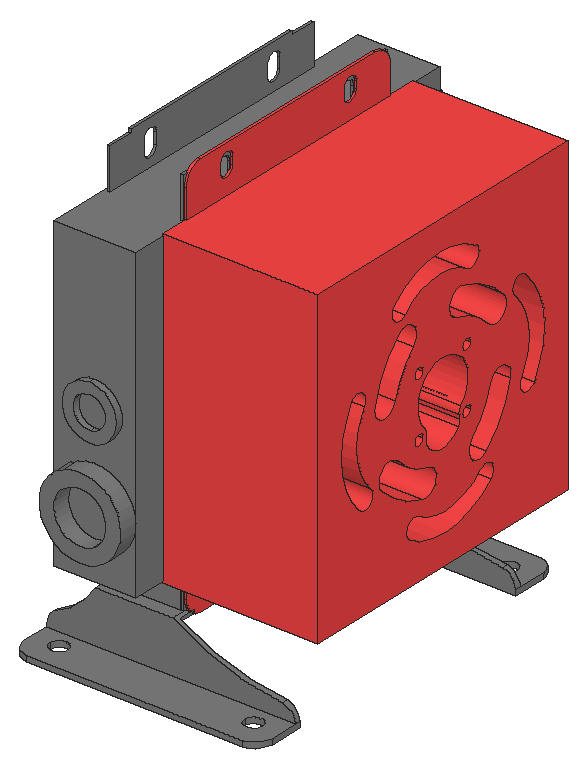
Revit family "MIT-A12Y-01", category Specialty Equipment, Revit 2022
Family settings
  Round Connector Dimension = Use Radius
  Part Type = Normal
  Work Plane-Based = No
  Always vertical = Yes
  Cut with Voids When Loaded = No
  Maintain Annotation Orientation = No
  Shared = No
  Room Calculation Point = No
Parameters
  URL = "https://en.ekinendustriyel.com/fan-driven-oil-coolers"
  Model = "MIT-A12Y-01"
  Manufacturer = "Ekin Endüstriyel"
  Keynote = "Fan Driven Oil Coolers"
  Description = "MIT- Fan Driven Oil Coolers"
  Default Elevation = 0 mm
Reference planes
  plane 1 "Center (Front/Back)": y = 0
  plane 2: z = 0
  plane 3 "Center (Left/Right)": x = 0
Forms (mm)
  Extrusion 1, solid, material "Ekin Endustriyel-S235JR", detail levels medium+fine
    sketch origin (0, -0.99, 0) x (0, 1, 0) y (0, 0, 1)
      loop
        line (105, 224.41) -> (-104.01, 224.41) -> (-104.01, 54.41) -> (105, 54.41) -> (105, 224.41)
      loop
        line (65, 219.41) -> (-65, 219.41) -> (-65, 209.41) -> (65, 209.41) -> (65, 219.41)
      loop
        line (65, 204.41) -> (-65, 204.41) -> (-65, 194.41) -> (65, 194.41) -> (65, 204.41)
      loop
        line (65, 189.41) -> (-65, 189.41) -> (-65, 179.41) -> (65, 179.41) -> (65, 189.41)
      loop
        line (65, 174.41) -> (-65, 174.41) -> (-65, 164.41) -> (65, 164.41) -> (65, 174.41)
      loop
        line (65, 159.41) -> (-65, 159.41) -> (-65, 149.41) -> (65, 149.41) -> (65, 159.41)
      loop
        line (65, 144.41) -> (-65, 144.41) -> (-65, 134.41) -> (65, 134.41) -> (65, 144.41)
      loop
        line (65, 129.41) -> (-65, 129.41) -> (-65, 119.41) -> (65, 119.41) -> (65, 129.41)
      loop
        line (65, 114.41) -> (-65, 114.41) -> (-65, 104.41) -> (65, 104.41) -> (65, 114.41)
      loop
        line (65, 99.41) -> (-65, 99.41) -> (-65, 89.41) -> (65, 89.41) -> (65, 99.41)
      loop
        line (65, 84.41) -> (-65, 84.41) -> (-65, 74.41) -> (65, 74.41) -> (65, 84.41)
      loop
        line (65, 69.41) -> (-65, 69.41) -> (-65, 59.41) -> (65, 59.41) -> (65, 69.41)
    from 0 to 45
  Extrusion 2, solid, material "Ekin Endustriyel-S235JR", detail levels medium+fine
    sketch origin (0, 0, 0) x (1, 0, 0) y (0, 0, 1)
      loop
        circle (22.5, 188.41) r 14.491
      loop
        circle (22.5, 188.41) r 22.5
    from -104.01 to -115
  Extrusion 3, solid, material "Ekin Endustriyel-S235JR", detail levels medium+fine
    sketch origin (0, 0, 0) x (1, 0, 0) y (0, 0, 1)
      loop
        circle (22.5, 139.41) r 15
      loop
        circle (22.5, 139.41) r 8.928
    from 105 to 108.5
  Extrusion 4, solid, material "Ekin Endustriyel-S235JR", detail levels medium+fine
    sketch origin (0, 0, 0) x (1, 0, 0) y (0, 0, 1)
      loop
        circle (22.5, 90.41) r 22.5
      loop
        circle (22.5, 90.41) r 14.491
    from 105 to 115
  Extrusion 5, solid, material "Ekin Endustriyel_S235JR", detail levels medium+fine
    sketch origin (0, 0, 0) x (0, 1, 0) y (0, 0, 1)
      loop
        line (-86, 53.41) -> (86, 53.41) -> (86, 225.41) -> (-86, 225.41) -> (-86, 53.41)
      loop
        arc (22.586, 202.435) -> (-6.388, 209.294) -> (-33.405, 196.781) r 45.533
        arc (-33.405, 196.781) -> (-33.551, 188.929) -> (-25.7, 188.783) r 5.553
        arc (-25.7, 188.783) -> (-5.272, 198.244) -> (16.635, 193.059) r 34.427
        arc (16.635, 193.059) -> (24.299, 194.772) -> (22.586, 202.435) r 5.553
      loop
        arc (13.395, 186.351) -> (4.441, 180.716) -> (10.075, 171.762) r 7.481
        arc (10.075, 171.762) -> (21.518, 167.264) -> (31.109, 159.571) r 40.928
        arc (31.109, 159.571) -> (41.679, 159.132) -> (42.118, 169.703) r 7.481
        arc (42.118, 169.703) -> (29.021, 180.209) -> (13.395, 186.351) r 55.89
      loop
        arc (57.37, 172.816) -> (49.519, 172.962) -> (49.373, 165.11) r 5.553
        arc (49.373, 165.11) -> (58.834, 144.682) -> (53.648, 122.776) r 34.427
        arc (53.648, 122.776) -> (55.361, 115.112) -> (63.025, 116.825) r 5.553
        arc (63.025, 116.825) -> (69.883, 145.798) -> (57.37, 172.816) r 45.533
      loop
        arc (46.94, 126.015) -> (41.306, 134.97) -> (32.352, 129.335) r 7.481
        arc (32.352, 129.335) -> (27.854, 117.892) -> (20.16, 108.302) r 40.928
        arc (20.16, 108.302) -> (19.722, 97.731) -> (30.292, 97.293) r 7.481
        arc (30.292, 97.293) -> (40.798, 110.389) -> (46.94, 126.015) r 55.89
      loop
        arc (33.405, 82.04) -> (33.551, 89.892) -> (25.7, 90.038) r 5.553
        arc (25.7, 90.038) -> (5.272, 80.577) -> (-16.635, 85.762) r 34.427
        arc (-16.635, 85.762) -> (-24.299, 84.049) -> (-22.586, 76.385) r 5.553
        arc (-22.586, 76.385) -> (6.388, 69.527) -> (33.405, 82.04) r 45.533
      loop
        arc (-42.118, 109.118) -> (-29.021, 98.612) -> (-13.395, 92.47) r 55.89
        arc (-13.395, 92.47) -> (-4.441, 98.105) -> (-10.075, 107.059) r 7.481
        arc (-10.075, 107.059) -> (-21.518, 111.557) -> (-31.109, 119.25) r 40.928
        arc (-31.109, 119.25) -> (-41.679, 119.689) -> (-42.118, 109.118) r 7.481
      loop
        arc (-30.292, 181.528) -> (-40.798, 168.432) -> (-46.94, 152.806) r 55.89
        arc (-46.94, 152.806) -> (-41.306, 143.851) -> (-32.352, 149.486) r 7.481
        arc (-32.352, 149.486) -> (-27.854, 160.929) -> (-20.16, 170.519) r 40.928
        arc (-20.16, 170.519) -> (-19.722, 181.09) -> (-30.292, 181.528) r 7.481
      loop
        arc (-53.648, 156.045) -> (-55.361, 163.709) -> (-63.025, 161.996) r 5.553
        arc (-63.025, 161.996) -> (-69.883, 133.022) -> (-57.37, 106.005) r 45.533
        arc (-57.37, 106.005) -> (-49.519, 105.859) -> (-49.373, 113.711) r 5.553
        arc (-49.373, 113.711) -> (-58.834, 134.138) -> (-53.648, 156.045) r 34.427
      loop
        arc (11.058, 117.825) -> (11.709, 119.48) -> (11.74, 121.258) r 5
        line (11.74, 121.258) -> (11.429, 123.164)
        arc (11.429, 123.164) -> (11.584, 125.434) -> (12.728, 127.4) r 5
        arc (12.728, 127.4) -> (0, 156.91) -> (-12.728, 127.4) r 17.5
        arc (-12.728, 127.4) -> (-11.584, 125.434) -> (-11.429, 123.164) r 5
        line (-11.429, 123.164) -> (-11.74, 121.258)
        arc (-11.74, 121.258) -> (-11.709, 119.48) -> (-11.058, 117.825) r 5
        arc (-11.058, 117.825) -> (0, 111.66) -> (11.058, 117.825) r 13
      loop
        circle (-16.44, 155.851) r 3
      loop
        circle (16.44, 155.851) r 3
      loop
        circle (16.44, 122.97) r 3
      loop
        circle (-16.44, 122.97) r 3
    from 45 to 130
  Extrusion 6, solid, material "Ekin Endustriyel-S235JR", detail levels fine
    sketch origin (0, 0, 0) x (0, 1, 0) y (0, 0, 1)
      loop
        line (70, 224.41) -> (70, 246.91) -> (55, 246.91) -> (55, 248.91) -> (-55, 248.91) -> (-55, 246.91) -> (-70, 246.91) -> (-70, 224.41) -> (70, 224.41)
      loop
        line (47, 233.66) -> (47, 239.66)
        arc (47, 239.66) -> (42.5, 244.16) -> (38, 239.66) r 4.5
        line (38, 239.66) -> (38, 233.66)
        arc (38, 233.66) -> (42.5, 229.16) -> (47, 233.66) r 4.5
      loop
        line (-38, 233.66) -> (-38, 239.66)
        arc (-38, 239.66) -> (-42.5, 244.16) -> (-47, 239.66) r 4.5
        line (-47, 239.66) -> (-47, 233.66)
        arc (-47, 233.66) -> (-42.5, 229.16) -> (-38, 233.66) r 4.5
    from 1.5 to 3
  Extrusion 7, solid, material "Ekin Endustriyel-S235JR", detail levels fine
    sketch origin (40.5, 0, 0) x (0, 1, 0) y (0, 0, 1)
      loop
        line (70, 224.41) -> (70, 246.91) -> (55, 246.91) -> (55, 248.91) -> (-55, 248.91) -> (-55, 246.91) -> (-70, 246.91) -> (-70, 224.41) -> (70, 224.41)
      loop
        line (47, 233.66) -> (47, 239.66)
        arc (47, 239.66) -> (42.5, 244.16) -> (38, 239.66) r 4.5
        line (38, 239.66) -> (38, 233.66)
        arc (38, 233.66) -> (42.5, 229.16) -> (47, 233.66) r 4.5
      loop
        line (-38, 233.66) -> (-38, 239.66)
        arc (-38, 239.66) -> (-42.5, 244.16) -> (-47, 239.66) r 4.5
        line (-47, 239.66) -> (-47, 233.66)
        arc (-47, 233.66) -> (-42.5, 229.16) -> (-38, 233.66) r 4.5
    from 1.5 to 3
  Extrusion 8, solid, material "Ekin Endustriyel_S235JR", detail levels fine
    sketch origin (42, 0, 0) x (0, 1, 0) y (0, 0, 1)
      loop
        line (70, 224.41) -> (70, 240.91)
        arc (70, 240.91) -> (67.071, 247.982) -> (60, 250.91) r 10
        line (60, 250.91) -> (-60, 250.91)
        arc (-60, 250.91) -> (-67.071, 247.982) -> (-70, 240.91) r 10
        line (-70, 240.91) -> (-70, 224.41) -> (70, 224.41)
      loop
        line (-38, 238.41) -> (-38, 242.41)
        arc (-38, 242.41) -> (-42.5, 246.91) -> (-47, 242.41) r 4.5
        line (-47, 242.41) -> (-47, 238.41)
        arc (-47, 238.41) -> (-42.5, 233.91) -> (-38, 238.41) r 4.5
      loop
        arc (38, 238.41) -> (42.5, 233.91) -> (47, 238.41) r 4.5
        line (47, 238.41) -> (47, 242.41)
        arc (47, 242.41) -> (42.5, 246.91) -> (38, 242.41) r 4.5
        line (38, 242.41) -> (38, 238.41)
    from 1.5 to 3
  Extrusion 9, solid, material "Ekin Endustriyel_S235JR", detail levels fine
    sketch origin (42, 0, 278.821) x (0, 1, 0) y (0, 0, 1)
      loop
        line (70, -224.41) -> (-70, -224.41) -> (-70, -240.91)
        arc (-70, -240.91) -> (-67.071, -247.982) -> (-60, -250.91) r 10
        line (-60, -250.91) -> (60, -250.91)
        arc (60, -250.91) -> (67.071, -247.982) -> (70, -240.91) r 10
        line (70, -240.91) -> (70, -224.41)
      loop
        arc (-38, -238.41) -> (-42.5, -233.91) -> (-47, -238.41) r 4.5
        line (-47, -238.41) -> (-47, -242.41)
        arc (-47, -242.41) -> (-42.5, -246.91) -> (-38, -242.41) r 4.5
        line (-38, -242.41) -> (-38, -238.41)
      loop
        line (38, -238.41) -> (38, -242.41)
        arc (38, -242.41) -> (42.5, -246.91) -> (47, -242.41) r 4.5
        line (47, -242.41) -> (47, -238.41)
        arc (47, -238.41) -> (42.5, -233.91) -> (38, -238.41) r 4.5
    from 1.5 to 3
  Extrusion 10, solid, material "Ekin Endustriyel-S235JR", detail levels fine
    sketch origin (0, 0, 278.821) x (0, 1, 0) y (0, 0, 1)
      loop
        line (70, -224.41) -> (-70, -224.41) -> (-70, -246.91) -> (-55, -246.91) -> (-55, -248.91) -> (55, -248.91) -> (55, -246.91) -> (70, -246.91) -> (70, -224.41)
      loop
        arc (47, -233.66) -> (42.5, -229.16) -> (38, -233.66) r 4.5
        line (38, -233.66) -> (38, -239.66)
        arc (38, -239.66) -> (42.5, -244.16) -> (47, -239.66) r 4.5
        line (47, -239.66) -> (47, -233.66)
      loop
        arc (-38, -233.66) -> (-42.5, -229.16) -> (-47, -233.66) r 4.5
        line (-47, -233.66) -> (-47, -239.66)
        arc (-47, -239.66) -> (-42.5, -244.16) -> (-38, -239.66) r 4.5
        line (-38, -239.66) -> (-38, -233.66)
    from 1.5 to 3
  Extrusion 11, solid, material "Ekin Endustriyel-S235JR", detail levels fine
    sketch origin (40.5, 0, 278.821) x (0, 1, 0) y (0, 0, 1)
      loop
        line (70, -224.41) -> (-70, -224.41) -> (-70, -246.91) -> (-55, -246.91) -> (-55, -248.91) -> (55, -248.91) -> (55, -246.91) -> (70, -246.91) -> (70, -224.41)
      loop
        arc (47, -233.66) -> (42.5, -229.16) -> (38, -233.66) r 4.5
        line (38, -233.66) -> (38, -239.66)
        arc (38, -239.66) -> (42.5, -244.16) -> (47, -239.66) r 4.5
        line (47, -239.66) -> (47, -233.66)
      loop
        arc (-38, -233.66) -> (-42.5, -229.16) -> (-47, -233.66) r 4.5
        line (-47, -233.66) -> (-47, -239.66)
        arc (-47, -239.66) -> (-42.5, -244.16) -> (-38, -239.66) r 4.5
        line (-38, -239.66) -> (-38, -233.66)
    from 1.5 to 3
  Sweep 12, solid, material "Ekin Endustriyel-S235JR", detail levels fine
    path origin (0, 0, 0) x (0, 1, 0) y (0, 0, 1)
      loop
        line (-54.233, 28.911) -> (-74.233, 28.911) -> (-74.233, 0) -> (-104.233, 0)
    profile origin (0, -64.233, 28.911) x (0, 0, -1) y (1, 0, 0)
      loop
        line (0, 114.185) -> (-2.995, 114.185) -> (-2.995, -29.098) -> (0, -29.098) -> (0, 114.185)
  Extrusion 13, void
    sketch origin (0, 0, 0) x (1, 0, 0) y (0, 1, 0)
      loop
        circle (-11.028, -87.473) r 5
      loop
        circle (95.999, -87.473) r 5
      loop
        circle (33.496, -62.508) r 3.25
      loop
        circle (11.489, -62.508) r 3.25
      loop
        arc (9.13, -55.039) -> (2.655, -58.269) -> (0, -65) r 10.105
        line (0, -65) -> (0, -74.233) -> (-26.014, -74.233) -> (-26.014, -92.189)
        arc (-26.014, -92.189) -> (-23.413, -99.058) -> (-16.915, -102.481) r 10.37
        line (-16.915, -102.481) -> (101.946, -102.481)
        arc (101.946, -102.481) -> (108.142, -99.385) -> (111.007, -93.08) r 10.37
        line (111.007, -93.08) -> (111.007, -74.233) -> (45, -74.233) -> (45, -65)
        arc (45, -65) -> (42.345, -58.269) -> (35.87, -55.039) r 10.105
        line (35.87, -55.039) -> (9.13, -55.039)
      loop
        line (-42.92, -29.216) -> (-42.92, -129.216) -> (127.08, -129.216) -> (127.08, -29.216) -> (-42.92, -29.216)
    from -5.013 to 36.328
  Sweep 14, solid, material "Ekin Endustriyel-S235JR", detail levels fine
    path origin (0, 0, 0) x (0, -1, 0) y (0, 0, -1)
      loop
        line (-54.233, -28.911) -> (-74.233, -28.911) -> (-74.233, 0) -> (-104.233, 0)
    profile origin (0, 64.233, 28.911) x (0, 0, 1) y (1, 0, 0)
      loop
        line (0, 114.185) -> (0, -29.098) -> (2.995, -29.098) -> (2.995, 114.185) -> (0, 114.185)
  Extrusion 15, void
    sketch origin (0, 0, 0) x (1, 0, 0) y (0, 1, 0)
      loop
        circle (-11.028, 87.473) r 5
      loop
        circle (95.999, 87.473) r 5
      loop
        circle (33.496, 62.508) r 3.25
      loop
        circle (11.489, 62.508) r 3.25
      loop
        line (9.13, 55.039) -> (35.87, 55.039)
        arc (35.87, 55.039) -> (42.345, 58.269) -> (45, 65) r 10.105
        line (45, 65) -> (45, 74.233) -> (111.007, 74.233) -> (111.007, 93.08)
        arc (111.007, 93.08) -> (108.142, 99.385) -> (101.946, 102.481) r 10.37
        line (101.946, 102.481) -> (-16.915, 102.481)
        arc (-16.915, 102.481) -> (-23.413, 99.058) -> (-26.014, 92.189) r 10.37
        line (-26.014, 92.189) -> (-26.014, 74.233) -> (0, 74.233) -> (0, 65)
        arc (0, 65) -> (2.655, 58.269) -> (9.13, 55.039) r 10.105
      loop
        line (-42.92, 29.216) -> (127.08, 29.216) -> (127.08, 129.216) -> (-42.92, 129.216) -> (-42.92, 29.216)
    from -5.013 to 36.328
  Extrusion 16, void
    sketch origin (0, 0, 0) x (1, 0, 0) y (0, 0, 1)
      loop
        arc (-26.014, 2.995) -> (-25.177, 8.038) -> (-22.12, 12.135) r 10.827
        arc (-22.12, 12.135) -> (-9.061, 20.257) -> (0.974, 31.91) r 50.875
        line (0.974, 31.91) -> (43.275, 31.91)
        arc (43.275, 31.91) -> (72.201, 17.464) -> (103.924, 11.213) r 120.72
        arc (103.924, 11.213) -> (108.602, 8.136) -> (110.819, 2.995) r 9.759
        line (110.819, 2.995) -> (120.819, 2.995) -> (120.819, 34.5) -> (-33.827, 34.5) -> (-33.827, 2.995) -> (-26.014, 2.995)
    from -112.355 to 147.002
  Extrusion 17, solid, material "Ekin Endustriyel-S235JR", detail levels fine
    sketch origin (0, 0, 0) x (1, 0, 0) y (0, 0, 1)
      loop
        line (3, 31.91) -> (42, 31.91) -> (42, 54.41) -> (3, 54.41) -> (3, 31.91)
    from 69.233 to 70
  Extrusion 18, solid, material "Ekin Endustriyel-S235JR", detail levels fine
    sketch origin (0, 139.233, 0) x (1, 0, 0) y (0, 0, 1)
      loop
        line (3, 31.91) -> (42, 31.91) -> (42, 54.41) -> (3, 54.41) -> (3, 31.91)
    from 69.233 to 70
  Extrusion 19, solid, material "Ekin Endustriyel-S235JR", detail levels coarse
    sketch origin (0, 0, 0) x (0, 1, 0) y (0, 0, 1)
      loop
        line (104.01, 224.41) -> (-105, 224.41) -> (-105, 54.41) -> (-70, 54.41) -> (-70, 0) -> (70, 0) -> (70, 54.41) -> (104.01, 54.41) -> (104.01, 224.41)
    from 0 to 45
  Extrusion 20, solid, material "Ekin Endustriyel_S235JR", detail levels coarse
    sketch origin (0, 0, 0) x (0, 1, 0) y (0, 0, 1)
      loop
        line (-86, 225.41) -> (-86, 53.41) -> (86, 53.41) -> (86, 225.41) -> (-86, 225.41)
    from 45 to 130
Cuts and joins
  Extrusion 15 cuts Extrusion 6
  Extrusion 15 cuts Extrusion 7
  joined: Extrusion 6, Extrusion 7
  Extrusion 13, Extrusion 15, Extrusion 16 cuts Sweep 12
  Extrusion 15, Extrusion 16 cuts Sweep 14
  Extrusion 15 cuts Extrusion 1
  Extrusion 15 cuts Extrusion 2
  Extrusion 15 cuts Extrusion 4
  Extrusion 15 cuts Extrusion 3
Dimensions and locks
  aligned and locked: level to plane 2
Connectors
  piping at (22.5, -108.5, 139.41), diameter 12.8
    settings: on cut or joined group of Extrusion 6, Extrusion 7, Extrusion 15, index 1, connector inside diameter 609.6 mm, connector length 0 mm, flow factor 0, pipe flow 0.0 L/s, pressure drop 0.0 Pa, fitting loss kfactor 0, connector angle 0.00°, fixture units 0, engagement length 0 mm, angle of deflection 0.00°, flow configuration 0, flow direction 0, fitting loss method 0, system type 7, joint type 0, gender type 0, connector reference index -1, connector utility 0, adjustable connector no, is connector primary yes, connector description ""
  piping at (22.5, -115, 90.41), diameter 25.4
    settings: on cut or joined group of Extrusion 6, Extrusion 7, Extrusion 15, index 2, connector inside diameter 609.6 mm, connector length 0 mm, flow factor 0, pipe flow 0.0 L/s, pressure drop 0.0 Pa, fitting loss kfactor 0, connector angle 0.00°, fixture units 0, engagement length 0 mm, angle of deflection 0.00°, flow configuration 0, flow direction 0, fitting loss method 0, system type 7, joint type 0, gender type 0, connector reference index -1, connector utility 0, adjustable connector no, is connector primary no, connector description ""
  piping at (22.5, 115, 188.41), diameter 25.4
    settings: on cut or joined group of Extrusion 6, Extrusion 7, Extrusion 15, index 3, connector inside diameter 609.6 mm, connector length 0 mm, flow factor 0, pipe flow 0.0 L/s, pressure drop 0.0 Pa, fitting loss kfactor 0, connector angle 0.00°, fixture units 0, engagement length 0 mm, angle of deflection 0.00°, flow configuration 0, flow direction 0, fitting loss method 0, system type 7, joint type 0, gender type 0, connector reference index -1, connector utility 0, adjustable connector no, is connector primary no, connector description ""
